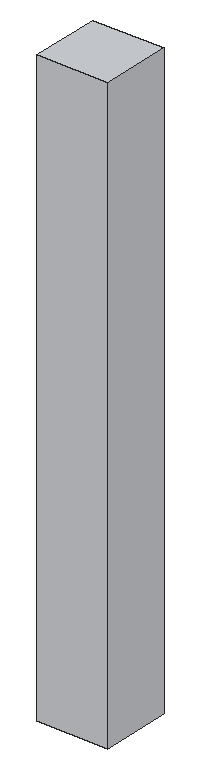
Revit family "M_Rectangular Column", category Columns, Revit 2022
Family settings
  OmniClass Number = 23.25.30.11.14.11
  OmniClass Title = Columns
  Cut with Voids When Loaded = No
  Automatically joins geometry to walls = No
  Shared = No
  Show family pre-cut in plan views = Yes
Parameters (values of type "457 x 475mm")
  Depth = 475 mm
  Material = none
  Offset Base = 0 mm
  Offset Top = 0 mm
  Width = 475 mm
Types (4, lengths in mm): name | Depth | Width
  475 x 610mm | 475 | 610
  610 x 610mm | 610 | 610
  457 x 475mm | 475 | 475
  600 x 600mm | 600 | 600
Reference planes
  plane 1: y = 0
  plane 2: z = 0
  plane 3: x = 0
  plane 4: z = 4000
  plane 5: z = 0
  plane 6: x = -237.5
  plane 7: x = 237.5
  plane 8: y = -237.5
  plane 9: y = 237.5
Forms (mm)
  Extrusion 1, solid, material <- "Material"
    sketch origin (0, 0, 0) x (1, 0, 0) y (0, 1, 0)
      loop
        line (-237.5, 237.5) -> (-237.5, -237.5) -> (237.5, -237.5) -> (237.5, 237.5) -> (-237.5, 237.5)
    from 0 to 4000
Dimensions and locks
  "Offset Base": plane 5 to level
  "Offset Top": level to plane 4
  equal spacing: plane 6, plane 3, plane 7
  "Width": plane 6 to plane 7
  equal spacing: plane 8, plane 1, plane 9
  "Depth": plane 8 to plane 9
  aligned and locked: plane 4 to Extrusion 1
  aligned and locked: Extrusion 1 to plane 5
Automatic sketch dimensions
  Extrusion 1 sketch curve to plane 6 = 0 mm
  Extrusion 1 sketch curve to plane 7 = 0 mm
  Extrusion 1 sketch curve to plane 8 = 0 mm
  Extrusion 1 sketch curve to plane 9 = 0 mm
